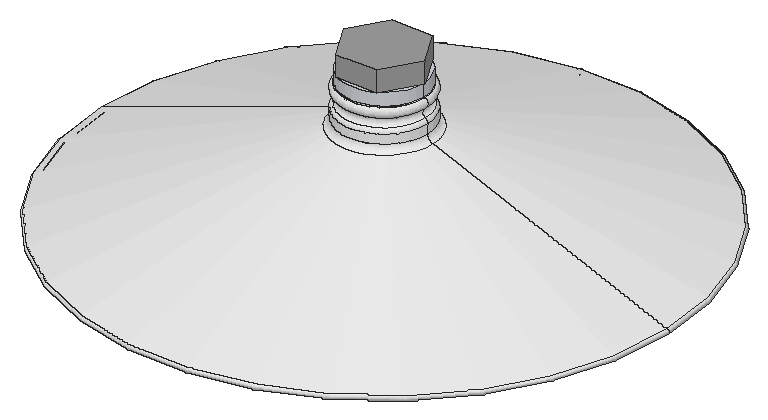
Revit family "FMS14 SHADE", category Lighting Fixtures, Revit 2024
Family settings
  Round Connector Dimension = Use Diameter
  Part Type = Normal
  OmniClass Number = 23.80.70.00
  OmniClass Title = Lighting
  Work Plane-Based = No
  Always vertical = Yes
  Cut with Voids When Loaded = No
  Light Source = Yes
  Maintain Annotation Orientation = No
  Shared = No
  Room Calculation Point = No
Parameters
  Wattage = 12.1178 W
  built-in parameter 1150110 = 1 (stored number, unit not read)
  built-in parameter 1114217 = 1 (stored number, unit not read)
  built-in parameter 1150109 = 1 (stored number, unit not read)
  built-in parameter 1150134 = (empty or 0)
  built-in parameter 1150113 = 1 (stored number, unit not read)
  Lumens = 1800 lm
  built-in parameter 1150115 = 1 (stored number, unit not read)
  built-in parameter 1150105 = 572.96 (stored number, unit not read)
  Light Source Symbol Size = 2' - 0"
  built-in parameter 1150137 = (empty or 0)
  built-in parameter 1150139 = (empty or 0)
  built-in parameter 1150112 = 1 (stored number, unit not read)
  built-in parameter 1150114 = 1 (stored number, unit not read)
  built-in parameter 1150132 = 2
  built-in parameter 1150102 = (empty or 0)
  built-in parameter 1150138 = (empty or 0)
  built-in parameter 1150107 = 3000 (stored number, unit not read)
  built-in parameter 1150106 = 5.7296 (stored number, unit not read)
  built-in parameter 1150104 = 13.8 (stored number, unit not read)
  Dimming Lamp Color Temperature Shift = (empty or 0)
  Default Elevation = 0' - 0"
  Color Filter = 16777215
  built-in parameter 1114218 = 1 (stored number, unit not read)
  built-in parameter 1150133 = 10 (stored number, unit not read)
Reference planes (in)
  plane 1 "Light Source Axis (F/B)": y = 0
  plane 2: z = 0
  plane 3 "Light Source Axis (L/R)": x = 0
  plane 4 "Light Source Elevation": z = 84
Forms (in)
  Extrusion 1, solid
    sketch origin (0, 0, 87.4375) x (1, 0, 0) y (0, 1, 0)
      loop
        line (1, 0) -> (0.5, 0.86603) -> (-0.5, 0.86603) -> (-1, 0) -> (-0.5, -0.86603) -> (0.5, -0.86603) -> (1, 0)
    from 0 to 0.5
  Revolve 2, solid
    sketch origin (0, 0, 0) x (1, 0, 0) y (0, 0, 1)
      loop
        arc (-0.96875, 86.56341) -> (-0.96232, 86.5825) -> (-0.94834, 86.597) r 0.046
        arc (-0.94834, 86.597) -> (-0.848, 86.78349) -> (-0.94834, 86.96998) r 0.22347
        arc (-0.94834, 86.96998) -> (-0.96775, 86.99773) -> (-0.96291, 87.03125) r 0.046
        line (-0.96291, 87.03125) -> (-0.80514, 87.03125) -> (-0.80514, 87.125) -> (-1, 87.125)
        arc (-1, 87.125) -> (-1.06275, 87.00837) -> (-1, 86.89175) r 0.13975
        arc (-1, 86.89175) -> (-0.94175, 86.78349) -> (-1, 86.67524) r 0.12972
        arc (-1, 86.67524) -> (-1.04403, 86.62849) -> (-1.0625, 86.56699) r 0.13975
        line (-1.0625, 86.56699) -> (-1.0625, 86.35014)
        arc (-1.0625, 86.35014) -> (-1.09681, 86.24203) -> (-1.18718, 86.17348) r 0.1875
        line (-1.18718, 86.17348) -> (-6.95853, 84.12136)
        arc (-6.95853, 84.12136) -> (-6.97812, 84.01493) -> (-6.87615, 84.05115) r 0.06248
        line (-6.87615, 84.05115) -> (-1.15577, 86.08515)
        arc (-1.15577, 86.08515) -> (-1.02021, 86.18797) -> (-0.96875, 86.35014) r 0.28125
        line (-0.96875, 86.35014) -> (-0.96875, 86.56699)
      loop
        line (0, 87.4375) -> (-0.96875, 87.4375) -> (-0.96875, 87.13995) -> (0, 87.13995) -> (0, 87.4375)
      axis (0, 87.4375) -> (0, 84.05115)
    angle from 0 to 360
Dimensions and locks (in)
  aligned and locked: plane 3 "Light Source Axis (L/R)" to imposter light
  aligned and locked: plane 1 "Light Source Axis (F/B)" to imposter light
  aligned and locked: plane 4 "Light Source Elevation" to imposter light
  aligned and locked: level to plane 2
